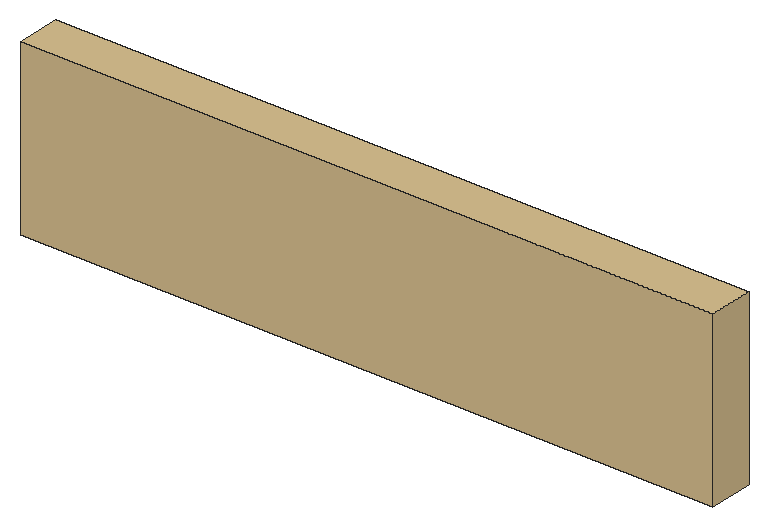
Revit family
Parameters (values of type "79X305")
  시작 확장 계산 [instance] = 3000 mm + 시작 확장  # 3000 mm
  시작 확장 [instance] = 0 mm
  Length [instance] = 1524 mm
  b = 79 mm
  d = 305 mm
  끝 확장 계산 [instance] = 3000 mm + 끝 확장  # 3000 mm
  끝 확장 [instance] = 0 mm
  보 재료 [instance] = 목재 - 치수 재목
Types (3, lengths in mm): name | b | d
  (no name) | 79 | 305
  79X305 | 79 | 305
  130X381 | 130 | 381
Reference planes
  plane 1 "중심(앞/뒤)": y = 0
  plane 2: z = 0
  plane 3 "중심(왼쪽/오른쪽)": x = 4.61
  plane 4 "왼쪽 부재": x = -604.99
  plane 5 "오른쪽 부재": x = 614.21
  plane 6: y = 39.5
  plane 7: y = -39.5
  plane 8: z = 152.5
  plane 9: z = -152.5
  plane 10 "왼쪽": x = -757.39
  plane 11 "기호를 왼쪽에 부착": x = -452.59
  plane 12 "기호를 오른쪽에 부착": x = 461.81
  plane 13 "오른쪽": x = 766.61
  plane 14: x = -604.99
  plane 15: x = 614.21
  plane 16: x = 2395.01
  plane 17: x = -2385.79
Forms (mm)
  Sweep 1, solid, material "목재 - 치수 재목" <- "보 재료", detail levels medium+fine
    path origin (0, 0, 0) x (1, 0, 0) y (0, 1, 0)
      loop
        line (614.21, 0) -> (-604.99, 0)
    profile "M_직사각형 목재 보-프로파일 : M_직사각형 목재 보-프로파일" origin (4.61, 0, 0) x (0, -1, 0) y (0, 0, 1)
      loop
        line (-39.5, -152.5) -> (39.5, -152.5) -> (39.5, 152.5) -> (-39.5, 152.5) -> (-39.5, -152.5)
Lines and regions (mm)
  symbolic lines, style "기호 부착", detail levels coarse
    curve 1: line (4.61, 39.5, 152.5) -> (4.61, -39.5, 152.5)
    curve 2: line (4.61, -39.5, -152.5) -> (4.61, 39.5, -152.5)
    curve 3: line (4.61, -39.5, 152.5) -> (4.61, -39.5, -152.5)
    curve 4: line (4.61, 39.5, -152.5) -> (4.61, 39.5, 152.5)
Dimensions and locks
  "b": plane 6 to plane 7
  "d": plane 9 to plane 8
  equal spacing: plane 9, plane 2, plane 8
  equal spacing: plane 6, plane 1 "중심(앞/뒤)", plane 7
  "Length": plane 10 "왼쪽" to plane 13 "오른쪽"
  locked: plane 17 to plane 5 "오른쪽 부재" at 3000
  locked: plane 4 "왼쪽 부재" to plane 16 at 3000
  "시작 확장 계산": plane 14 to plane 16
  "끝 확장 계산": plane 17 to plane 15
  aligned and locked: Sweep 1 sketch curve to plane 1 "중심(앞/뒤)"
  aligned and locked: curve 1 to Sweep 1
  aligned and locked: curve 2 to Sweep 1
  aligned and locked: curve 3 to Sweep 1
  aligned and locked: curve 4 to Sweep 1
  aligned and locked: plane 14 to Sweep 1 sketch curve
  aligned and locked: plane 15 to Sweep 1 sketch curve
